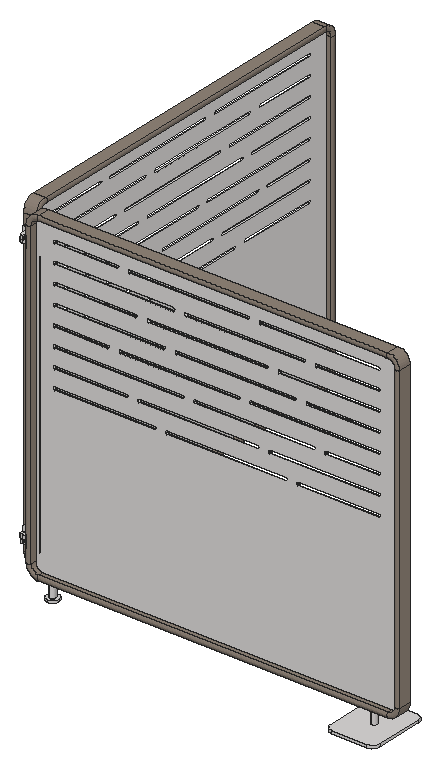
Revit family "Screen-Teknion-ZNFGH_Hinged_Screen-R2019", category Furniture, Revit 2020 (continued)
Definition of nested family "Screen-Teknion-Hinged_Screen(Face based)_2-R2019"
  Definition of nested family "Screen-Teknion-Hinged_Screen_2-R2019"
    Forms (in)
      Sweep 17, void
        profile origin (-10.54651, -13.03314, 0) x (-1, 0, 0) y (0, 0, 1)
          loop
            line (-9.21323, 66.02362) -> (2.20197, 66.02362)
            arc (2.20197, 66.02362) -> (2.49725, 66.3189) -> (2.20197, 66.61417) r 0.29528
            line (2.20197, 66.61417) -> (-9.21323, 66.61417)
          loop
            arc (-11.30378, 66.02362) -> (-11.0085, 66.3189) -> (-11.30378, 66.61417) r 0.29528
            line (-11.30378, 66.61417) -> (-31.71897, 66.61417)
            arc (-31.71897, 66.61417) -> (-32.01425, 66.3189) -> (-31.71897, 66.02362) r 0.29528
            line (-31.71897, 66.02362) -> (-11.30378, 66.02362)
          loop
            arc (-21.21323, 63.60236) -> (-21.5085, 63.30709) -> (-21.21323, 63.01181) r 0.29528
            line (-21.21323, 63.01181) -> (-2.30378, 63.01181)
            arc (-2.30378, 63.01181) -> (-2.0085, 63.30709) -> (-2.30378, 63.60236) r 0.29528
            line (-2.30378, 63.60236) -> (-21.21323, 63.60236)
          loop
            arc (2.20197, 63.01181) -> (2.49725, 63.30709) -> (2.20197, 63.60236) r 0.29528
            line (2.20197, 63.60236) -> (-0.21323, 63.60236)
            arc (-0.21323, 63.60236) -> (-0.5085, 63.30709) -> (-0.21323, 63.01181) r 0.29528
            line (-0.21323, 63.01181) -> (2.20197, 63.01181)
          loop
            arc (-4.71323, 60.59055) -> (-5.0085, 60.29528) -> (-4.71323, 60) r 0.29528
            line (-4.71323, 60) -> (2.20197, 60)
            arc (2.20197, 60) -> (2.49725, 60.29528) -> (2.20197, 60.59055) r 0.29528
            line (2.20197, 60.59055) -> (-4.71323, 60.59055)
          loop
            arc (-25.71323, 60.59055) -> (-26.0085, 60.29528) -> (-25.71323, 60) r 0.29528
            line (-25.71323, 60) -> (-6.80378, 60)
            arc (-6.80378, 60) -> (-6.5085, 60.29528) -> (-6.80378, 60.59055) r 0.29528
            line (-6.80378, 60.59055) -> (-25.71323, 60.59055)
          loop
            arc (-31.71897, 60.59055) -> (-32.01425, 60.29528) -> (-31.71897, 60) r 0.29528
            line (-31.71897, 60) -> (-27.80378, 60)
            arc (-27.80378, 60) -> (-27.5085, 60.29528) -> (-27.80378, 60.59055) r 0.29528
            line (-27.80378, 60.59055) -> (-31.71897, 60.59055)
          loop
            arc (-23.30378, 63.01181) -> (-23.0085, 63.30709) -> (-23.30378, 63.60236) r 0.29528
            line (-23.30378, 63.60236) -> (-31.71897, 63.60236)
            arc (-31.71897, 63.60236) -> (-32.01425, 63.30709) -> (-31.71897, 63.01181) r 0.29528
            line (-31.71897, 63.01181) -> (-23.30378, 63.01181)
      Sweep 18, void
        path origin (-4.61419, 4.61419, 0) x (0, 1, 0) y (1, 0, 0)
          loop
            line (-21.0159, -5.68665) -> (-14.2659, -5.68665)
        profile origin (-10.30084, -13.02671, 0) x (-1, 0, 0) y (0, 0, 1)
          loop
            arc (-37.47331, 51.85462) -> (-37.6821, 51.76814) -> (-37.76859, 51.55935) r 0.29528
            arc (-37.76859, 51.55935) -> (-37.6821, 51.35056) -> (-37.47331, 51.26407) r 0.29528
            line (-37.47331, 51.26407) -> (-24.55811, 51.26407)
            arc (-24.55811, 51.26407) -> (-24.34932, 51.35056) -> (-24.26284, 51.55935) r 0.29528
            arc (-24.26284, 51.55935) -> (-24.34932, 51.76814) -> (-24.55811, 51.85462) r 0.29528
            line (-24.55811, 51.85462) -> (-37.47331, 51.85462)
          loop
            arc (-22.46756, 51.85462) -> (-22.67635, 51.76814) -> (-22.76284, 51.55935) r 0.29528
            arc (-22.76284, 51.55935) -> (-22.67635, 51.35056) -> (-22.46756, 51.26407) r 0.29528
            line (-22.46756, 51.26407) -> (-3.55811, 51.26407)
            arc (-3.55811, 51.26407) -> (-3.34932, 51.35056) -> (-3.26284, 51.55935) r 0.29528
            arc (-3.26284, 51.55935) -> (-3.34932, 51.76814) -> (-3.55811, 51.85462) r 0.29528
            line (-3.55811, 51.85462) -> (-22.46756, 51.85462)
          loop
            arc (-1.46756, 51.85462) -> (-1.67635, 51.76814) -> (-1.76284, 51.55935) r 0.29528
            arc (-1.76284, 51.55935) -> (-1.67635, 51.35056) -> (-1.46756, 51.26407) r 0.29528
            line (-1.46756, 51.26407) -> (2.44764, 51.26407)
            arc (2.44764, 51.26407) -> (2.74291, 51.55935) -> (2.44764, 51.85462) r 0.29528
            line (2.44764, 51.85462) -> (-1.46756, 51.85462)
          loop
            arc (-10.46756, 48.84281) -> (-10.67635, 48.75633) -> (-10.76284, 48.54754) r 0.29528
            arc (-10.76284, 48.54754) -> (-10.67635, 48.33874) -> (-10.46756, 48.25226) r 0.29528
            line (-10.46756, 48.25226) -> (2.44764, 48.25226)
            arc (2.44764, 48.25226) -> (2.74291, 48.54754) -> (2.44764, 48.84281) r 0.29528
            line (2.44764, 48.84281) -> (-10.46756, 48.84281)
          loop
            arc (-31.46756, 48.84281) -> (-31.67635, 48.75633) -> (-31.76284, 48.54754) r 0.29528
            arc (-31.76284, 48.54754) -> (-31.67635, 48.33874) -> (-31.46756, 48.25226) r 0.29528
            line (-31.46756, 48.25226) -> (-12.55811, 48.25226)
            arc (-12.55811, 48.25226) -> (-12.34932, 48.33874) -> (-12.26284, 48.54754) r 0.29528
            arc (-12.26284, 48.54754) -> (-12.34932, 48.75633) -> (-12.55811, 48.84281) r 0.29528
            line (-12.55811, 48.84281) -> (-31.46756, 48.84281)
          loop
            arc (-37.47331, 48.84281) -> (-37.6821, 48.75633) -> (-37.76859, 48.54754) r 0.29528
            arc (-37.76859, 48.54754) -> (-37.6821, 48.33874) -> (-37.47331, 48.25226) r 0.29528
            line (-37.47331, 48.25226) -> (-33.55811, 48.25226)
            arc (-33.55811, 48.25226) -> (-33.34932, 48.33874) -> (-33.26284, 48.54754) r 0.29528
            arc (-33.26284, 48.54754) -> (-33.34932, 48.75633) -> (-33.55811, 48.84281) r 0.29528
            line (-33.55811, 48.84281) -> (-37.47331, 48.84281)
          loop
            arc (-37.47331, 45.831) -> (-37.6821, 45.74452) -> (-37.76859, 45.53572) r 0.29528
            arc (-37.76859, 45.53572) -> (-37.6821, 45.32693) -> (-37.47331, 45.24045) r 0.29528
            line (-37.47331, 45.24045) -> (-27.55811, 45.24045)
            arc (-27.55811, 45.24045) -> (-27.34932, 45.32693) -> (-27.26284, 45.53572) r 0.29528
            arc (-27.26284, 45.53572) -> (-27.34932, 45.74452) -> (-27.55811, 45.831) r 0.29528
            line (-27.55811, 45.831) -> (-37.47331, 45.831)
          loop
            arc (-25.46756, 45.831) -> (-25.67635, 45.74452) -> (-25.76284, 45.53572) r 0.29528
            arc (-25.76284, 45.53572) -> (-25.67635, 45.32693) -> (-25.46756, 45.24045) r 0.29528
            line (-25.46756, 45.24045) -> (-6.55811, 45.24045)
            arc (-6.55811, 45.24045) -> (-6.34932, 45.32693) -> (-6.26284, 45.53572) r 0.29528
            arc (-6.26284, 45.53572) -> (-6.34932, 45.74452) -> (-6.55811, 45.831) r 0.29528
            line (-6.55811, 45.831) -> (-25.46756, 45.831)
          loop
            arc (-4.46756, 45.831) -> (-4.67635, 45.74452) -> (-4.76284, 45.53572) r 0.29528
            arc (-4.76284, 45.53572) -> (-4.67635, 45.32693) -> (-4.46756, 45.24045) r 0.29528
            line (-4.46756, 45.24045) -> (2.44764, 45.24045)
            arc (2.44764, 45.24045) -> (2.74291, 45.53572) -> (2.44764, 45.831) r 0.29528
            line (2.44764, 45.831) -> (-4.46756, 45.831)
          loop
            arc (2.44764, 42.22864) -> (2.74291, 42.52391) -> (2.44764, 42.81919) r 0.29528
            line (2.44764, 42.81919) -> (-8.96756, 42.81919)
            arc (-8.96756, 42.81919) -> (-9.17635, 42.7327) -> (-9.26284, 42.52391) r 0.29528
            arc (-9.26284, 42.52391) -> (-9.17635, 42.31512) -> (-8.96756, 42.22864) r 0.29528
            line (-8.96756, 42.22864) -> (2.44764, 42.22864)
          loop
            arc (-29.96756, 42.81919) -> (-30.17635, 42.7327) -> (-30.26284, 42.52391) r 0.29528
            arc (-30.26284, 42.52391) -> (-30.17635, 42.31512) -> (-29.96756, 42.22864) r 0.29528
            line (-29.96756, 42.22864) -> (-11.05811, 42.22864)
            arc (-11.05811, 42.22864) -> (-10.84932, 42.31512) -> (-10.76284, 42.52391) r 0.29528
            arc (-10.76284, 42.52391) -> (-10.84932, 42.7327) -> (-11.05811, 42.81919) r 0.29528
            line (-11.05811, 42.81919) -> (-29.96756, 42.81919)
          loop
            arc (-37.47331, 42.81919) -> (-37.6821, 42.7327) -> (-37.76859, 42.52391) r 0.29528
            arc (-37.76859, 42.52391) -> (-37.6821, 42.31512) -> (-37.47331, 42.22864) r 0.29528
            line (-37.47331, 42.22864) -> (-32.05811, 42.22864)
            arc (-32.05811, 42.22864) -> (-31.84932, 42.31512) -> (-31.76284, 42.52391) r 0.29528
            arc (-31.76284, 42.52391) -> (-31.84932, 42.7327) -> (-32.05811, 42.81919) r 0.29528
            line (-32.05811, 42.81919) -> (-37.47331, 42.81919)
          loop
            arc (-37.47331, 39.80738) -> (-37.6821, 39.72089) -> (-37.76859, 39.5121) r 0.29528
            arc (-37.76859, 39.5121) -> (-37.6821, 39.30331) -> (-37.47331, 39.21683) r 0.29528
            line (-37.47331, 39.21683) -> (-23.05811, 39.21683)
            arc (-23.05811, 39.21683) -> (-22.84932, 39.30331) -> (-22.76284, 39.5121) r 0.29528
            arc (-22.76284, 39.5121) -> (-22.84932, 39.72089) -> (-23.05811, 39.80738) r 0.29528
            line (-23.05811, 39.80738) -> (-37.47331, 39.80738)
          loop
            arc (-20.96756, 39.80738) -> (-21.17635, 39.72089) -> (-21.26284, 39.5121) r 0.29528
            arc (-21.26284, 39.5121) -> (-21.17635, 39.30331) -> (-20.96756, 39.21683) r 0.29528
            line (-20.96756, 39.21683) -> (-2.05811, 39.21683)
            arc (-2.05811, 39.21683) -> (-1.84932, 39.30331) -> (-1.76284, 39.5121) r 0.29528
            arc (-1.76284, 39.5121) -> (-1.84932, 39.72089) -> (-2.05811, 39.80738) r 0.29528
            line (-2.05811, 39.80738) -> (-20.96756, 39.80738)
          loop
            arc (0.03244, 39.80738) -> (-0.17635, 39.72089) -> (-0.26284, 39.5121) r 0.29528
            arc (-0.26284, 39.5121) -> (-0.17635, 39.30331) -> (0.03244, 39.21683) r 0.29528
            line (0.03244, 39.21683) -> (2.44764, 39.21683)
            arc (2.44764, 39.21683) -> (2.74291, 39.5121) -> (2.44764, 39.80738) r 0.29528
            line (2.44764, 39.80738) -> (0.03244, 39.80738)
          loop
            arc (-11.96756, 36.79557) -> (-12.17635, 36.70908) -> (-12.26284, 36.50029) r 0.29528
            arc (-12.26284, 36.50029) -> (-12.17635, 36.2915) -> (-11.96756, 36.20502) r 0.29528
            line (-11.96756, 36.20502) -> (2.44764, 36.20502)
            arc (2.44764, 36.20502) -> (2.74291, 36.50029) -> (2.44764, 36.79557) r 0.29528
            line (2.44764, 36.79557) -> (-11.96756, 36.79557)
          loop
            arc (-14.05811, 36.20502) -> (-13.84932, 36.2915) -> (-13.76284, 36.50029) r 0.29528
            arc (-13.76284, 36.50029) -> (-13.84932, 36.70908) -> (-14.05811, 36.79557) r 0.29528
            line (-14.05811, 36.79557) -> (-32.96756, 36.79557)
            arc (-32.96756, 36.79557) -> (-33.17635, 36.70908) -> (-33.26284, 36.50029) r 0.29528
            arc (-33.26284, 36.50029) -> (-33.17635, 36.2915) -> (-32.96756, 36.20502) r 0.29528
            line (-32.96756, 36.20502) -> (-14.05811, 36.20502)
          loop
            arc (-37.47331, 36.79557) -> (-37.6821, 36.70908) -> (-37.76859, 36.50029) r 0.29528
            arc (-37.76859, 36.50029) -> (-37.6821, 36.2915) -> (-37.47331, 36.20502) r 0.29528
            line (-37.47331, 36.20502) -> (-35.05811, 36.20502)
            arc (-35.05811, 36.20502) -> (-34.84932, 36.2915) -> (-34.76284, 36.50029) r 0.29528
            arc (-34.76284, 36.50029) -> (-34.84932, 36.70908) -> (-35.05811, 36.79557) r 0.29528
            line (-35.05811, 36.79557) -> (-37.47331, 36.79557)
          loop
            arc (-37.47331, 33.78376) -> (-37.6821, 33.69727) -> (-37.76859, 33.48848) r 0.29528
            arc (-37.76859, 33.48848) -> (-37.6821, 33.27969) -> (-37.47331, 33.1932) r 0.29528
            line (-37.47331, 33.1932) -> (-26.05811, 33.1932)
            arc (-26.05811, 33.1932) -> (-25.84932, 33.27969) -> (-25.76284, 33.48848) r 0.29528
            arc (-25.76284, 33.48848) -> (-25.84932, 33.69727) -> (-26.05811, 33.78376) r 0.29528
            line (-26.05811, 33.78376) -> (-37.47331, 33.78376)
          loop
            arc (-30.55811, 30.18139) -> (-30.34932, 30.26788) -> (-30.26284, 30.47667) r 0.29528
            arc (-30.26284, 30.47667) -> (-30.34932, 30.68546) -> (-30.55811, 30.77194) r 0.29528
            line (-30.55811, 30.77194) -> (-37.47331, 30.77194)
            arc (-37.47331, 30.77194) -> (-37.6821, 30.68546) -> (-37.76859, 30.47667) r 0.29528
            arc (-37.76859, 30.47667) -> (-37.6821, 30.26788) -> (-37.47331, 30.18139) r 0.29528
            line (-37.47331, 30.18139) -> (-30.55811, 30.18139)
          loop
            arc (-28.46756, 30.77655) -> (-28.67635, 30.69007) -> (-28.76284, 30.48128) r 0.29528
            arc (-28.76284, 30.48128) -> (-28.67635, 30.27248) -> (-28.46756, 30.186) r 0.29528
            line (-28.46756, 30.186) -> (-9.55811, 30.186)
            arc (-9.55811, 30.186) -> (-9.34932, 30.27248) -> (-9.26284, 30.48128) r 0.29528
            arc (-9.26284, 30.48128) -> (-9.34932, 30.69007) -> (-9.55811, 30.77655) r 0.29528
            line (-9.55811, 30.77655) -> (-28.46756, 30.77655)
          loop
            arc (-5.05811, 33.1932) -> (-4.84932, 33.27969) -> (-4.76284, 33.48848) r 0.29528
            arc (-4.76284, 33.48848) -> (-4.84932, 33.69727) -> (-5.05811, 33.78376) r 0.29528
            line (-5.05811, 33.78376) -> (-23.96756, 33.78376)
            arc (-23.96756, 33.78376) -> (-24.17635, 33.69727) -> (-24.26284, 33.48848) r 0.29528
            arc (-24.26284, 33.48848) -> (-24.17635, 33.27969) -> (-23.96756, 33.1932) r 0.29528
            line (-23.96756, 33.1932) -> (-5.05811, 33.1932)
          loop
            arc (2.44764, 33.1932) -> (2.74291, 33.48848) -> (2.44764, 33.78376) r 0.29528
            line (2.44764, 33.78376) -> (-2.96756, 33.78376)
            arc (-2.96756, 33.78376) -> (-3.17635, 33.69727) -> (-3.26284, 33.48848) r 0.29528
            arc (-3.26284, 33.48848) -> (-3.17635, 33.27969) -> (-2.96756, 33.1932) r 0.29528
            line (-2.96756, 33.1932) -> (2.44764, 33.1932)
          loop
            arc (2.44764, 30.18139) -> (2.74291, 30.47667) -> (2.44764, 30.77194) r 0.29528
            line (2.44764, 30.77194) -> (-7.46756, 30.77194)
            arc (-7.46756, 30.77194) -> (-7.67635, 30.68546) -> (-7.76284, 30.47667) r 0.29528
            arc (-7.76284, 30.47667) -> (-7.67635, 30.26788) -> (-7.46756, 30.18139) r 0.29528
            line (-7.46756, 30.18139) -> (2.44764, 30.18139)
      Sweep 19, void
        path origin (-4.61419, 4.61419, 0) x (0, 1, 0) y (1, 0, 0)
          loop
            line (-21.02888, -11.81406) -> (-14.27888, -11.81406)
        profile origin (-16.42826, -13.03968, 0) x (-1, 0, 0) y (0, 0, 1)
          loop
            arc (-46.60072, 81.67323) -> (-46.80951, 81.58674) -> (-46.896, 81.37795) r 0.29528
            arc (-46.896, 81.37795) -> (-46.80951, 81.16916) -> (-46.60072, 81.08268) r 0.29528
            line (-46.60072, 81.08268) -> (-30.68552, 81.08268)
            arc (-30.68552, 81.08268) -> (-30.47673, 81.16916) -> (-30.39025, 81.37795) r 0.29528
            arc (-30.39025, 81.37795) -> (-30.47673, 81.58674) -> (-30.68552, 81.67323) r 0.29528
            line (-30.68552, 81.67323) -> (-46.60072, 81.67323)
          loop
            arc (-37.59497, 78.66142) -> (-37.80376, 78.57493) -> (-37.89025, 78.36614) r 0.29528
            arc (-37.89025, 78.36614) -> (-37.80376, 78.15735) -> (-37.59497, 78.07087) r 0.29528
            line (-37.59497, 78.07087) -> (-18.68552, 78.07087)
            arc (-18.68552, 78.07087) -> (-18.47673, 78.15735) -> (-18.39025, 78.36614) r 0.29528
            arc (-18.39025, 78.36614) -> (-18.47673, 78.57493) -> (-18.68552, 78.66142) r 0.29528
            line (-18.68552, 78.66142) -> (-37.59497, 78.66142)
          loop
            arc (-28.59497, 81.67323) -> (-28.80376, 81.58674) -> (-28.89025, 81.37795) r 0.29528
            arc (-28.89025, 81.37795) -> (-28.80376, 81.16916) -> (-28.59497, 81.08268) r 0.29528
            line (-28.59497, 81.08268) -> (-9.68552, 81.08268)
            arc (-9.68552, 81.08268) -> (-9.47673, 81.16916) -> (-9.39025, 81.37795) r 0.29528
            arc (-9.39025, 81.37795) -> (-9.47673, 81.58674) -> (-9.68552, 81.67323) r 0.29528
            line (-9.68552, 81.67323) -> (-28.59497, 81.67323)
          loop
            arc (-7.59497, 81.67323) -> (-7.80376, 81.58674) -> (-7.89025, 81.37795) r 0.29528
            arc (-7.89025, 81.37795) -> (-7.80376, 81.16916) -> (-7.59497, 81.08268) r 0.29528
            line (-7.59497, 81.08268) -> (-0.67978, 81.08268)
            arc (-0.67978, 81.08268) -> (-0.3845, 81.37795) -> (-0.67978, 81.67323) r 0.29528
            line (-0.67978, 81.67323) -> (-7.59497, 81.67323)
          loop
            arc (-16.59497, 78.66142) -> (-16.80376, 78.57493) -> (-16.89025, 78.36614) r 0.29528
            arc (-16.89025, 78.36614) -> (-16.80376, 78.15735) -> (-16.59497, 78.07087) r 0.29528
            line (-16.59497, 78.07087) -> (-0.67978, 78.07087)
            arc (-0.67978, 78.07087) -> (-0.3845, 78.36614) -> (-0.67978, 78.66142) r 0.29528
            line (-0.67978, 78.66142) -> (-16.59497, 78.66142)
          loop
            arc (-46.60072, 78.66142) -> (-46.80951, 78.57493) -> (-46.896, 78.36614) r 0.29528
            arc (-46.896, 78.36614) -> (-46.80951, 78.15735) -> (-46.60072, 78.07087) r 0.29528
            line (-46.60072, 78.07087) -> (-39.68552, 78.07087)
            arc (-39.68552, 78.07087) -> (-39.47673, 78.15735) -> (-39.39025, 78.36614) r 0.29528
            arc (-39.39025, 78.36614) -> (-39.47673, 78.57493) -> (-39.68552, 78.66142) r 0.29528
            line (-39.68552, 78.66142) -> (-46.60072, 78.66142)
          loop
            arc (-46.60072, 75.64961) -> (-46.80951, 75.56312) -> (-46.896, 75.35433) r 0.29528
            arc (-46.896, 75.35433) -> (-46.80951, 75.14554) -> (-46.60072, 75.05906) r 0.29528
            line (-46.60072, 75.05906) -> (-33.68552, 75.05906)
            arc (-33.68552, 75.05906) -> (-33.47673, 75.14554) -> (-33.39025, 75.35433) r 0.29528
            arc (-33.39025, 75.35433) -> (-33.47673, 75.56312) -> (-33.68552, 75.64961) r 0.29528
            line (-33.68552, 75.64961) -> (-46.60072, 75.64961)
          loop
            arc (-31.59497, 75.64961) -> (-31.80376, 75.56312) -> (-31.89025, 75.35433) r 0.29528
            arc (-31.89025, 75.35433) -> (-31.80376, 75.14554) -> (-31.59497, 75.05906) r 0.29528
            line (-31.59497, 75.05906) -> (-12.68552, 75.05906)
            arc (-12.68552, 75.05906) -> (-12.47673, 75.14554) -> (-12.39025, 75.35433) r 0.29528
            arc (-12.39025, 75.35433) -> (-12.47673, 75.56312) -> (-12.68552, 75.64961) r 0.29528
            line (-12.68552, 75.64961) -> (-31.59497, 75.64961)
          loop
            arc (-10.59497, 75.64961) -> (-10.80376, 75.56312) -> (-10.89025, 75.35433) r 0.29528
            arc (-10.89025, 75.35433) -> (-10.80376, 75.14554) -> (-10.59497, 75.05906) r 0.29528
            line (-10.59497, 75.05906) -> (-0.67978, 75.05906)
            arc (-0.67978, 75.05906) -> (-0.3845, 75.35433) -> (-0.67978, 75.64961) r 0.29528
            line (-0.67978, 75.64961) -> (-10.59497, 75.64961)
          loop
            arc (-15.09497, 72.6378) -> (-15.30376, 72.55131) -> (-15.39025, 72.34252) r 0.29528
            arc (-15.39025, 72.34252) -> (-15.30376, 72.13373) -> (-15.09497, 72.04724) r 0.29528
            line (-15.09497, 72.04724) -> (-0.67978, 72.04724)
            arc (-0.67978, 72.04724) -> (-0.3845, 72.34252) -> (-0.67978, 72.6378) r 0.29528
            line (-0.67978, 72.6378) -> (-15.09497, 72.6378)
          loop
            arc (-36.09497, 72.6378) -> (-36.30376, 72.55131) -> (-36.39025, 72.34252) r 0.29528
            arc (-36.39025, 72.34252) -> (-36.30376, 72.13373) -> (-36.09497, 72.04724) r 0.29528
            line (-36.09497, 72.04724) -> (-17.18552, 72.04724)
            arc (-17.18552, 72.04724) -> (-16.97673, 72.13373) -> (-16.89025, 72.34252) r 0.29528
            arc (-16.89025, 72.34252) -> (-16.97673, 72.55131) -> (-17.18552, 72.6378) r 0.29528
            line (-17.18552, 72.6378) -> (-36.09497, 72.6378)
          loop
            arc (-46.60072, 72.6378) -> (-46.80951, 72.55131) -> (-46.896, 72.34252) r 0.29528
            arc (-46.896, 72.34252) -> (-46.80951, 72.13373) -> (-46.60072, 72.04724) r 0.29528
            line (-46.60072, 72.04724) -> (-38.18552, 72.04724)
            arc (-38.18552, 72.04724) -> (-37.97673, 72.13373) -> (-37.89025, 72.34252) r 0.29528
            arc (-37.89025, 72.34252) -> (-37.97673, 72.55131) -> (-38.18552, 72.6378) r 0.29528
            line (-38.18552, 72.6378) -> (-46.60072, 72.6378)
          loop
            arc (-27.09497, 69.62598) -> (-27.30376, 69.5395) -> (-27.39025, 69.33071) r 0.29528
            arc (-27.39025, 69.33071) -> (-27.30376, 69.12192) -> (-27.09497, 69.03543) r 0.29528
            line (-27.09497, 69.03543) -> (-8.18552, 69.03543)
            arc (-8.18552, 69.03543) -> (-7.97673, 69.12192) -> (-7.89025, 69.33071) r 0.29528
            arc (-7.89025, 69.33071) -> (-7.97673, 69.5395) -> (-8.18552, 69.62598) r 0.29528
            line (-8.18552, 69.62598) -> (-27.09497, 69.62598)
          loop
            arc (-6.09497, 69.62598) -> (-6.30376, 69.5395) -> (-6.39025, 69.33071) r 0.29528
            arc (-6.39025, 69.33071) -> (-6.30376, 69.12192) -> (-6.09497, 69.03543) r 0.29528
            line (-6.09497, 69.03543) -> (-0.67978, 69.03543)
            arc (-0.67978, 69.03543) -> (-0.3845, 69.33071) -> (-0.67978, 69.62598) r 0.29528
            line (-0.67978, 69.62598) -> (-6.09497, 69.62598)
          loop
            arc (-18.09497, 66.61417) -> (-18.30376, 66.52769) -> (-18.39025, 66.3189) r 0.29528
            arc (-18.39025, 66.3189) -> (-18.30376, 66.11011) -> (-18.09497, 66.02362) r 0.29528
            line (-18.09497, 66.02362) -> (-0.67978, 66.02362)
            arc (-0.67978, 66.02362) -> (-0.3845, 66.3189) -> (-0.67978, 66.61417) r 0.29528
            line (-0.67978, 66.61417) -> (-18.09497, 66.61417)
          loop
            arc (-39.09497, 66.61417) -> (-39.30376, 66.52769) -> (-39.39025, 66.3189) r 0.29528
            arc (-39.39025, 66.3189) -> (-39.30376, 66.11011) -> (-39.09497, 66.02362) r 0.29528
            line (-39.09497, 66.02362) -> (-20.18552, 66.02362)
            arc (-20.18552, 66.02362) -> (-19.97673, 66.11011) -> (-19.89025, 66.3189) r 0.29528
            arc (-19.89025, 66.3189) -> (-19.97673, 66.52769) -> (-20.18552, 66.61417) r 0.29528
            line (-20.18552, 66.61417) -> (-39.09497, 66.61417)
          loop
            arc (-46.60072, 69.62598) -> (-46.80951, 69.5395) -> (-46.896, 69.33071) r 0.29528
            arc (-46.896, 69.33071) -> (-46.80951, 69.12192) -> (-46.60072, 69.03543) r 0.29528
            line (-46.60072, 69.03543) -> (-29.18552, 69.03543)
            arc (-29.18552, 69.03543) -> (-28.97673, 69.12192) -> (-28.89025, 69.33071) r 0.29528
            arc (-28.89025, 69.33071) -> (-28.97673, 69.5395) -> (-29.18552, 69.62598) r 0.29528
            line (-29.18552, 69.62598) -> (-46.60072, 69.62598)
          loop
            arc (-46.60072, 66.61417) -> (-46.80951, 66.52769) -> (-46.896, 66.3189) r 0.29528
            arc (-46.896, 66.3189) -> (-46.80951, 66.11011) -> (-46.60072, 66.02362) r 0.29528
            line (-46.60072, 66.02362) -> (-41.18552, 66.02362)
            arc (-41.18552, 66.02362) -> (-40.97673, 66.11011) -> (-40.89025, 66.3189) r 0.29528
            arc (-40.89025, 66.3189) -> (-40.97673, 66.52769) -> (-41.18552, 66.61417) r 0.29528
            line (-41.18552, 66.61417) -> (-46.60072, 66.61417)
          loop
            arc (-46.60072, 63.60236) -> (-46.80951, 63.51588) -> (-46.896, 63.30709) r 0.29528
            arc (-46.896, 63.30709) -> (-46.80951, 63.0983) -> (-46.60072, 63.01181) r 0.29528
            line (-46.60072, 63.01181) -> (-32.18552, 63.01181)
            arc (-32.18552, 63.01181) -> (-31.97673, 63.0983) -> (-31.89025, 63.30709) r 0.29528
            arc (-31.89025, 63.30709) -> (-31.97673, 63.51588) -> (-32.18552, 63.60236) r 0.29528
            line (-32.18552, 63.60236) -> (-46.60072, 63.60236)
          loop
            arc (-30.09497, 63.60236) -> (-30.30376, 63.51588) -> (-30.39025, 63.30709) r 0.29528
            arc (-30.39025, 63.30709) -> (-30.30376, 63.0983) -> (-30.09497, 63.01181) r 0.29528
            line (-30.09497, 63.01181) -> (-11.18552, 63.01181)
            arc (-11.18552, 63.01181) -> (-10.97673, 63.0983) -> (-10.89025, 63.30709) r 0.29528
            arc (-10.89025, 63.30709) -> (-10.97673, 63.51588) -> (-11.18552, 63.60236) r 0.29528
            line (-11.18552, 63.60236) -> (-30.09497, 63.60236)
          loop
            arc (-9.09497, 63.60236) -> (-9.30376, 63.51588) -> (-9.39025, 63.30709) r 0.29528
            arc (-9.39025, 63.30709) -> (-9.30376, 63.0983) -> (-9.09497, 63.01181) r 0.29528
            line (-9.09497, 63.01181) -> (-0.67978, 63.01181)
            arc (-0.67978, 63.01181) -> (-0.3845, 63.30709) -> (-0.67978, 63.60236) r 0.29528
            line (-0.67978, 63.60236) -> (-9.09497, 63.60236)
          loop
            arc (-13.59497, 60.59055) -> (-13.80376, 60.50407) -> (-13.89025, 60.29528) r 0.29528
            arc (-13.89025, 60.29528) -> (-13.80376, 60.08648) -> (-13.59497, 60) r 0.29528
            line (-13.59497, 60) -> (-0.67978, 60)
            arc (-0.67978, 60) -> (-0.3845, 60.29528) -> (-0.67978, 60.59055) r 0.29528
            line (-0.67978, 60.59055) -> (-13.59497, 60.59055)
          loop
            arc (-34.59497, 60.59055) -> (-34.80376, 60.50407) -> (-34.89025, 60.29528) r 0.29528
            arc (-34.89025, 60.29528) -> (-34.80376, 60.08648) -> (-34.59497, 60) r 0.29528
            line (-34.59497, 60) -> (-15.68552, 60)
            arc (-15.68552, 60) -> (-15.47673, 60.08648) -> (-15.39025, 60.29528) r 0.29528
            arc (-15.39025, 60.29528) -> (-15.47673, 60.50407) -> (-15.68552, 60.59055) r 0.29528
            line (-15.68552, 60.59055) -> (-34.59497, 60.59055)
          loop
            arc (-46.60072, 60.59055) -> (-46.80951, 60.50407) -> (-46.896, 60.29528) r 0.29528
            arc (-46.896, 60.29528) -> (-46.80951, 60.08648) -> (-46.60072, 60) r 0.29528
            line (-46.60072, 60) -> (-36.68552, 60)
            arc (-36.68552, 60) -> (-36.47673, 60.08648) -> (-36.39025, 60.29528) r 0.29528
            arc (-36.39025, 60.29528) -> (-36.47673, 60.50407) -> (-36.68552, 60.59055) r 0.29528
            line (-36.68552, 60.59055) -> (-46.60072, 60.59055)
      Sweep 20, void
        path origin (-4.61419, 4.61419, 0) x (0, 1, 0) y (1, 0, 0)
          loop
            line (-21.07337, -14.8089) -> (-14.07337, -14.8089)
        profile origin (-19.4231, -12.95917, 0) x (-1, 0, 0) y (0, 0, 1)
          loop
            arc (-52.59556, 60.59055) -> (-52.80435, 60.50407) -> (-52.89084, 60.29528) r 0.29528
            arc (-52.89084, 60.29528) -> (-52.80435, 60.08648) -> (-52.59556, 60) r 0.29528
            line (-52.59556, 60) -> (-39.68036, 60)
            arc (-39.68036, 60) -> (-39.47157, 60.08648) -> (-39.38509, 60.29528) r 0.29528
            arc (-39.38509, 60.29528) -> (-39.47157, 60.50407) -> (-39.68036, 60.59055) r 0.29528
            line (-39.68036, 60.59055) -> (-52.59556, 60.59055)
          loop
            arc (-37.58981, 60.59055) -> (-37.7986, 60.50407) -> (-37.88509, 60.29528) r 0.29528
            arc (-37.88509, 60.29528) -> (-37.7986, 60.08648) -> (-37.58981, 60) r 0.29528
            line (-37.58981, 60) -> (-18.68036, 60)
            arc (-18.68036, 60) -> (-18.47157, 60.08648) -> (-18.38509, 60.29528) r 0.29528
            arc (-18.38509, 60.29528) -> (-18.47157, 60.50407) -> (-18.68036, 60.59055) r 0.29528
            line (-18.68036, 60.59055) -> (-37.58981, 60.59055)
          loop
            arc (-16.58981, 60.59055) -> (-16.7986, 60.50407) -> (-16.88509, 60.29528) r 0.29528
            arc (-16.88509, 60.29528) -> (-16.7986, 60.08648) -> (-16.58981, 60) r 0.29528
            line (-16.58981, 60) -> (-0.67462, 60)
            arc (-0.67462, 60) -> (-0.37934, 60.29528) -> (-0.67462, 60.59055) r 0.29528
            line (-0.67462, 60.59055) -> (-16.58981, 60.59055)
          loop
            arc (-12.08981, 63.60236) -> (-12.2986, 63.51588) -> (-12.38509, 63.30709) r 0.29528
            arc (-12.38509, 63.30709) -> (-12.2986, 63.0983) -> (-12.08981, 63.01181) r 0.29528
            line (-12.08981, 63.01181) -> (-0.67462, 63.01181)
            arc (-0.67462, 63.01181) -> (-0.37934, 63.30709) -> (-0.67462, 63.60236) r 0.29528
            line (-0.67462, 63.60236) -> (-12.08981, 63.60236)
          loop
            arc (-33.08981, 63.60236) -> (-33.2986, 63.51588) -> (-33.38509, 63.30709) r 0.29528
            arc (-33.38509, 63.30709) -> (-33.2986, 63.0983) -> (-33.08981, 63.01181) r 0.29528
            line (-33.08981, 63.01181) -> (-14.18036, 63.01181)
            arc (-14.18036, 63.01181) -> (-13.97157, 63.0983) -> (-13.88509, 63.30709) r 0.29528
            arc (-13.88509, 63.30709) -> (-13.97157, 63.51588) -> (-14.18036, 63.60236) r 0.29528
            line (-14.18036, 63.60236) -> (-33.08981, 63.60236)
          loop
            arc (-52.59556, 63.60236) -> (-52.80435, 63.51588) -> (-52.89084, 63.30709) r 0.29528
            arc (-52.89084, 63.30709) -> (-52.80435, 63.0983) -> (-52.59556, 63.01181) r 0.29528
            line (-52.59556, 63.01181) -> (-35.18036, 63.01181)
            arc (-35.18036, 63.01181) -> (-34.97157, 63.0983) -> (-34.88509, 63.30709) r 0.29528
            arc (-34.88509, 63.30709) -> (-34.97157, 63.51588) -> (-35.18036, 63.60236) r 0.29528
            line (-35.18036, 63.60236) -> (-52.59556, 63.60236)
          loop
            arc (-52.59556, 66.61417) -> (-52.80435, 66.52769) -> (-52.89084, 66.3189) r 0.29528
            arc (-52.89084, 66.3189) -> (-52.80435, 66.11011) -> (-52.59556, 66.02362) r 0.29528
            line (-52.59556, 66.02362) -> (-44.18036, 66.02362)
            arc (-44.18036, 66.02362) -> (-43.97157, 66.11011) -> (-43.88509, 66.3189) r 0.29528
            arc (-43.88509, 66.3189) -> (-43.97157, 66.52769) -> (-44.18036, 66.61417) r 0.29528
            line (-44.18036, 66.61417) -> (-52.59556, 66.61417)
          loop
            arc (-42.08981, 66.61417) -> (-42.2986, 66.52769) -> (-42.38509, 66.3189) r 0.29528
            arc (-42.38509, 66.3189) -> (-42.2986, 66.11011) -> (-42.08981, 66.02362) r 0.29528
            line (-42.08981, 66.02362) -> (-23.18036, 66.02362)
            arc (-23.18036, 66.02362) -> (-22.97157, 66.11011) -> (-22.88509, 66.3189) r 0.29528
            arc (-22.88509, 66.3189) -> (-22.97157, 66.52769) -> (-23.18036, 66.61417) r 0.29528
            line (-23.18036, 66.61417) -> (-42.08981, 66.61417)
          loop
            arc (-21.08981, 66.61417) -> (-21.2986, 66.52769) -> (-21.38509, 66.3189) r 0.29528
            arc (-21.38509, 66.3189) -> (-21.2986, 66.11011) -> (-21.08981, 66.02362) r 0.29528
            line (-21.08981, 66.02362) -> (-0.67462, 66.02362)
            arc (-0.67462, 66.02362) -> (-0.37934, 66.3189) -> (-0.67462, 66.61417) r 0.29528
            line (-0.67462, 66.61417) -> (-21.08981, 66.61417)
          loop
            arc (-9.08981, 69.62598) -> (-9.2986, 69.5395) -> (-9.38509, 69.33071) r 0.29528
            arc (-9.38509, 69.33071) -> (-9.2986, 69.12192) -> (-9.08981, 69.03543) r 0.29528
            line (-9.08981, 69.03543) -> (-0.67462, 69.03543)
            arc (-0.67462, 69.03543) -> (-0.37934, 69.33071) -> (-0.67462, 69.62598) r 0.29528
            line (-0.67462, 69.62598) -> (-9.08981, 69.62598)
          loop
            arc (-11.18036, 69.03543) -> (-10.97157, 69.12192) -> (-10.88509, 69.33071) r 0.29528
            arc (-10.88509, 69.33071) -> (-10.97157, 69.5395) -> (-11.18036, 69.62598) r 0.29528
            line (-11.18036, 69.62598) -> (-30.08981, 69.62598)
            arc (-30.08981, 69.62598) -> (-30.2986, 69.5395) -> (-30.38509, 69.33071) r 0.29528
            arc (-30.38509, 69.33071) -> (-30.2986, 69.12192) -> (-30.08981, 69.03543) r 0.29528
            line (-30.08981, 69.03543) -> (-11.18036, 69.03543)
          loop
            arc (-32.18036, 69.03543) -> (-31.97157, 69.12192) -> (-31.88509, 69.33071) r 0.29528
            arc (-31.88509, 69.33071) -> (-31.97157, 69.5395) -> (-32.18036, 69.62598) r 0.29528
            line (-32.18036, 69.62598) -> (-52.59556, 69.62598)
            arc (-52.59556, 69.62598) -> (-52.80435, 69.5395) -> (-52.89084, 69.33071) r 0.29528
            arc (-52.89084, 69.33071) -> (-52.80435, 69.12192) -> (-52.59556, 69.03543) r 0.29528
            line (-52.59556, 69.03543) -> (-32.18036, 69.03543)
          loop
            arc (-41.18036, 72.04724) -> (-40.97157, 72.13373) -> (-40.88509, 72.34252) r 0.29528
            arc (-40.88509, 72.34252) -> (-40.97157, 72.55131) -> (-41.18036, 72.6378) r 0.29528
            line (-41.18036, 72.6378) -> (-52.59556, 72.6378)
            arc (-52.59556, 72.6378) -> (-52.80435, 72.55131) -> (-52.89084, 72.34252) r 0.29528
            arc (-52.89084, 72.34252) -> (-52.80435, 72.13373) -> (-52.59556, 72.04724) r 0.29528
            line (-52.59556, 72.04724) -> (-41.18036, 72.04724)
          loop
            arc (-39.08981, 72.6378) -> (-39.2986, 72.55131) -> (-39.38509, 72.34252) r 0.29528
            arc (-39.38509, 72.34252) -> (-39.2986, 72.13373) -> (-39.08981, 72.04724) r 0.29528
            line (-39.08981, 72.04724) -> (-20.18036, 72.04724)
            arc (-20.18036, 72.04724) -> (-19.97157, 72.13373) -> (-19.88509, 72.34252) r 0.29528
            arc (-19.88509, 72.34252) -> (-19.97157, 72.55131) -> (-20.18036, 72.6378) r 0.29528
            line (-20.18036, 72.6378) -> (-39.08981, 72.6378)
          loop
            arc (-18.08981, 72.6378) -> (-18.2986, 72.55131) -> (-18.38509, 72.34252) r 0.29528
            arc (-18.38509, 72.34252) -> (-18.2986, 72.13373) -> (-18.08981, 72.04724) r 0.29528
            line (-18.08981, 72.04724) -> (-0.67462, 72.04724)
            arc (-0.67462, 72.04724) -> (-0.37934, 72.34252) -> (-0.67462, 72.6378) r 0.29528
            line (-0.67462, 72.6378) -> (-18.08981, 72.6378)
          loop
            arc (-10.58981, 81.67323) -> (-10.7986, 81.58674) -> (-10.88509, 81.37795) r 0.29528
            arc (-10.88509, 81.37795) -> (-10.7986, 81.16916) -> (-10.58981, 81.08268) r 0.29528
            line (-10.58981, 81.08268) -> (-0.67462, 81.08268)
            arc (-0.67462, 81.08268) -> (-0.37934, 81.37795) -> (-0.67462, 81.67323) r 0.29528
            line (-0.67462, 81.67323) -> (-10.58981, 81.67323)
          loop
            arc (-12.68036, 81.08268) -> (-12.47157, 81.16916) -> (-12.38509, 81.37795) r 0.29528
            arc (-12.38509, 81.37795) -> (-12.47157, 81.58674) -> (-12.68036, 81.67323) r 0.29528
            line (-12.68036, 81.67323) -> (-31.58981, 81.67323)
            arc (-31.58981, 81.67323) -> (-31.7986, 81.58674) -> (-31.88509, 81.37795) r 0.29528
            arc (-31.88509, 81.37795) -> (-31.7986, 81.16916) -> (-31.58981, 81.08268) r 0.29528
            line (-31.58981, 81.08268) -> (-12.68036, 81.08268)
          loop
            arc (-21.68036, 78.07087) -> (-21.47157, 78.15735) -> (-21.38509, 78.36614) r 0.29528
            arc (-21.38509, 78.36614) -> (-21.47157, 78.57493) -> (-21.68036, 78.66142) r 0.29528
            line (-21.68036, 78.66142) -> (-40.58981, 78.66142)
            arc (-40.58981, 78.66142) -> (-40.7986, 78.57493) -> (-40.88509, 78.36614) r 0.29528
            arc (-40.88509, 78.36614) -> (-40.7986, 78.15735) -> (-40.58981, 78.07087) r 0.29528
            line (-40.58981, 78.07087) -> (-21.68036, 78.07087)
          loop
            arc (-33.68036, 81.08268) -> (-33.47157, 81.16916) -> (-33.38509, 81.37795) r 0.29528
            arc (-33.38509, 81.37795) -> (-33.47157, 81.58674) -> (-33.68036, 81.67323) r 0.29528
            line (-33.68036, 81.67323) -> (-52.59556, 81.67323)
            arc (-52.59556, 81.67323) -> (-52.80435, 81.58674) -> (-52.89084, 81.37795) r 0.29528
            arc (-52.89084, 81.37795) -> (-52.80435, 81.16916) -> (-52.59556, 81.08268) r 0.29528
            line (-52.59556, 81.08268) -> (-33.68036, 81.08268)
          loop
            arc (-42.68036, 78.07087) -> (-42.47157, 78.15735) -> (-42.38509, 78.36614) r 0.29528
            arc (-42.38509, 78.36614) -> (-42.47157, 78.57493) -> (-42.68036, 78.66142) r 0.29528
            line (-42.68036, 78.66142) -> (-52.59556, 78.66142)
            arc (-52.59556, 78.66142) -> (-52.80435, 78.57493) -> (-52.89084, 78.36614) r 0.29528
            arc (-52.89084, 78.36614) -> (-52.80435, 78.15735) -> (-52.59556, 78.07087) r 0.29528
            line (-52.59556, 78.07087) -> (-42.68036, 78.07087)
          loop
            arc (-52.59556, 75.64961) -> (-52.80435, 75.56312) -> (-52.89084, 75.35433) r 0.29528
            arc (-52.89084, 75.35433) -> (-52.80435, 75.14554) -> (-52.59556, 75.05906) r 0.29528
            line (-52.59556, 75.05906) -> (-36.68036, 75.05906)
            arc (-36.68036, 75.05906) -> (-36.47157, 75.14554) -> (-36.38509, 75.35433) r 0.29528
            arc (-36.38509, 75.35433) -> (-36.47157, 75.56312) -> (-36.68036, 75.64961) r 0.29528
            line (-36.68036, 75.64961) -> (-52.59556, 75.64961)
          loop
            arc (-34.58981, 75.64961) -> (-34.7986, 75.56312) -> (-34.88509, 75.35433) r 0.29528
            arc (-34.88509, 75.35433) -> (-34.7986, 75.14554) -> (-34.58981, 75.05906) r 0.29528
            line (-34.58981, 75.05906) -> (-15.68036, 75.05906)
            arc (-15.68036, 75.05906) -> (-15.47157, 75.14554) -> (-15.38509, 75.35433) r 0.29528
            arc (-15.38509, 75.35433) -> (-15.47157, 75.56312) -> (-15.68036, 75.64961) r 0.29528
            line (-15.68036, 75.64961) -> (-34.58981, 75.64961)
          loop
            arc (-13.58981, 75.64961) -> (-13.7986, 75.56312) -> (-13.88509, 75.35433) r 0.29528
            arc (-13.88509, 75.35433) -> (-13.7986, 75.14554) -> (-13.58981, 75.05906) r 0.29528
            line (-13.58981, 75.05906) -> (-0.67462, 75.05906)
            arc (-0.67462, 75.05906) -> (-0.37934, 75.35433) -> (-0.67462, 75.64961) r 0.29528
            line (-0.67462, 75.64961) -> (-13.58981, 75.64961)
          loop
            arc (-19.58981, 78.66142) -> (-19.7986, 78.57493) -> (-19.88509, 78.36614) r 0.29528
            arc (-19.88509, 78.36614) -> (-19.7986, 78.15735) -> (-19.58981, 78.07087) r 0.29528
            line (-19.58981, 78.07087) -> (-0.67462, 78.07087)
            arc (-0.67462, 78.07087) -> (-0.37934, 78.36614) -> (-0.67462, 78.66142) r 0.29528
            line (-0.67462, 78.66142) -> (-19.58981, 78.66142)
    Cuts and joins
      Sweep 16, Sweep 17, Sweep 18, Sweep 19, Sweep 20 cuts Sweep 8
    Lines and regions (in)
      Masking region 1
        outline origin (0, 0, 0) x (1, 0, 0) y (0, 1, 0)
          loop
            arc (-16.39487, -12.19168) -> (-16.60721, -12.23299) -> (-16.78857, -12.35091) r 0.56634
            line (-16.78857, -12.35091) -> (-16.78857, -14.31941)
            arc (-16.78857, -14.31941) -> (-16.60722, -14.43733) -> (-16.39487, -14.47864) r 0.56632
            line (-16.39487, -14.47864) -> (30.82744, -14.47864)
            arc (30.82744, -14.47864) -> (31.03478, -14.43932) -> (31.21332, -14.32682) r 0.56632
            line (31.21332, -14.32682) -> (31.21332, -12.3435)
            arc (31.21332, -12.3435) -> (31.03477, -12.231) -> (30.82744, -12.19168) r 0.56634
            line (30.82744, -12.19168) -> (-16.39487, -12.19168)
      Masking region 2
        outline origin (0, 0, 0) x (1, 0, 0) y (0, 1, 0)
          loop
            line (-16.97657, -12.40996) -> (-16.97657, -14.2538) -> (-16.78857, -14.2538) -> (-16.78857, -12.40996) -> (-16.97657, -12.40996)
      Masking region 3
        outline origin (0, 0, 0) x (1, 0, 0) y (0, 1, 0)
          loop
            line (-17.64631, -12.96992) -> (-17.64631, -13.70066) -> (-16.97493, -13.71238) -> (-16.97493, -12.9582) -> (-17.64631, -12.96992)
      Masking region 4
        outline origin (0, 0, 0) x (1, 0, 0) y (0, 1, 0)
          loop
            line (-18.40214, -13.18522) -> (-18.40214, -13.50327) -> (-18.26247, -13.58069)
            arc (-18.26247, -13.58069) -> (-18.03797, -13.6716) -> (-17.79819, -13.70586) r 1
            line (-17.79819, -13.70586) -> (-16.9752, -13.72023) -> (-16.9752, -12.96826) -> (-17.79512, -12.98257)
            arc (-17.79512, -12.98257) -> (-18.03648, -13.01649) -> (-18.26247, -13.1078) r 1
            line (-18.26247, -13.1078) -> (-18.40214, -13.18522)
      Masking region 5
        outline origin (0, 0, 0) x (1, 0, 0) y (0, 1, 0)
          loop
            line (29.08972, -8.33516) -> (23.45193, -8.33516)
            arc (23.45193, -8.33516) -> (22.61676, -8.6811) -> (22.27082, -9.51626) r 1.1811
            line (22.27082, -9.51626) -> (22.27082, -17.15406)
            arc (22.27082, -17.15406) -> (22.61676, -17.98922) -> (23.45193, -18.33516) r 1.1811
            line (23.45193, -18.33516) -> (29.08972, -18.33516)
            arc (29.08972, -18.33516) -> (29.92489, -17.98922) -> (30.27082, -17.15406) r 1.1811
            line (30.27082, -17.15406) -> (30.27082, -9.51626)
            arc (30.27082, -9.51626) -> (29.92489, -8.6811) -> (29.08972, -8.33516) r 1.1811
      symbolic lines, detail levels medium+fine
        curve 1: line (30.42603, -13.21341, 0) -> (-15.99953, -13.21341, 0)
        curve 2: line (-15.99953, -13.21341, 0) -> (-15.99953, -13.45691, 0)
        curve 3: line (-15.99953, -13.45691, 0) -> (30.42603, -13.45691, 0)
        curve 4: line (30.42603, -13.21341, 0) -> (30.42603, -13.45691, 0)
      symbolic lines, detail levels fine
        curve 5: line (-14.1434, -12.49766, 0) -> (-14.1434, -14.17305, 0)
        curve 6: line (-14.1434, -14.17305, 0) -> (-10.89335, -14.17305, 0)
        curve 7: line (-10.89335, -14.17305, 0) -> (-10.89335, -12.49766, 0)
        curve 8: line (-10.89335, -12.49766, 0) -> (-14.1434, -12.49766, 0)
        curve 9: arc (-12.33154, -13.33506, 0) -> (-13.33154, -12.33506, 0) -> (-14.33154, -13.33506, 0) r 1
        curve 10: arc (-14.33154, -13.33506, 0) -> (-13.33154, -14.33506, 0) -> (-12.33154, -13.33506, 0) r 1
        curve 11: arc (-13.33181, -13.83649, 0) -> (-12.83181, -13.33649, 0) -> (-13.33181, -12.83649, 0) r 0.5
        curve 12: arc (-13.33181, -12.83649, 0) -> (-13.83181, -13.33649, 0) -> (-13.33181, -13.83649, 0) r 0.5
        curve 13: arc (-13.33414, -12.96011, 0) -> (-13.71077, -13.33674, 0) -> (-13.33414, -13.71337, 0) r 0.37663
        curve 14: arc (-13.33414, -13.71337, 0) -> (-12.9575, -13.33674, 0) -> (-13.33414, -12.96011, 0) r 0.37663
        curve 15: line (25.45821, -12.49766, 0) -> (25.45821, -14.17305, 0)
        curve 16: line (25.45821, -14.17305, 0) -> (28.56374, -14.17305, 0)
        curve 17: line (28.56374, -14.17305, 0) -> (28.56374, -12.49766, 0)
        curve 18: line (28.56374, -12.49766, 0) -> (25.45821, -12.49766, 0)
        curve 19: arc (26.27061, -13.83562, 0) -> (26.77061, -13.33562, 0) -> (26.27061, -12.83562, 0) r 0.5
        curve 20: arc (26.27061, -12.83562, 0) -> (25.77061, -13.33562, 0) -> (26.27061, -13.83562, 0) r 0.5
      reference lines
        curve 21: line (-22.94868, 47.82684, 0) -> (31.21332, 47.82684, 0)
        curve 22: line (31.21332, 47.82684, 0) -> (31.21332, -13.34424, 0)
        curve 23: line (-22.94868, 47.82684, 0) -> (-22.94868, -13.34424, 0)
        curve 24: line (-22.94868, -13.34424, 0) -> (31.21332, -13.34424, 0)
    Dimensions and locks (in)
      "Actual Screen 2 Width": plane 4 "Left" to plane 5 "Right"
      locked: plane 6 "Back" to plane 7 "Front" at 66.162
      locked: plane 8 "Top" to level at 55.0595
      equal spacing: plane 4 "Left", plane 3 "Center Left/Right", plane 5 "Right"
      equal spacing: plane 6 "Back", plane 1 "Center Front/Back", plane 7 "Front"
      locked: Sweep 1 sketch curve to plane 2 at 0.375
      locked: Sweep 1 sketch curve to plane 5 "Right" at 5.4425
      Sweep 1 sketch curve to Sweep 1 sketch curve to plane 5 "Right" = 8.000" locked, 0.9425" locked
      locked: plane 7 "Front" to Sweep 1 sketch curve at 10
      Sweep 2 sketch curve to Sweep 2 sketch curve to plane 2 = 2.0825" locked, 0.375" locked
      locked: Sweep 2 sketch curve to plane 5 "Right" at 5.11027
      locked: Sweep 2 sketch curve to plane 5 "Right" at 4.94271
      locked: plane 7 "Front" to Sweep 2 sketch curve at 4.99954
      locked: Sweep 3 sketch curve to plane 5 "Right" at 4.17253
      Sweep 3 sketch curve to Sweep 3 sketch curve to plane 2 = 0.105" locked, 2.4575" locked
      Sweep 3 sketch curve to Sweep 3 sketch curve to plane 5 "Right" = 3.10552" locked, 2.64959" locked
      plane 7 "Front" to Sweep 3 sketch curve to Sweep 3 sketch curve = 4.16211" locked, 1.67539" locked
      Sweep 4 sketch curve to Sweep 4 sketch curve to plane 2 = 0.105" locked, 2.4575" locked
      plane 4 "Left" to Sweep 4 sketch curve to Sweep 4 sketch curve = 8.80527" locked, 3.25006" locked
      plane 7 "Front" to Sweep 4 sketch curve to Sweep 4 sketch curve = 4.16211" locked, 1.67539" locked
      locked: Sweep 4 sketch curve to plane 4 "Left" at 10.46008
      Sweep 5 sketch curve to Sweep 5 sketch curve to plane 2 = 1.9996" locked, 0.4579" locked
      locked: Sweep 5 sketch curve to plane 4 "Left" at 9.57614
      locked: plane 4 "Left" to Sweep 5 sketch curve at 9.61686
      locked: plane 7 "Front" to Sweep 5 sketch curve at 4.99867
      locked: Sweep 6 sketch curve to plane 4 "Left" at 9.76568
      locked: Sweep 6 sketch curve to plane 2 at 0.24189
      locked: plane 4 "Left" to Sweep 6 sketch curve at 9.61714
      locked: plane 7 "Front" to Sweep 6 sketch curve at 5.0001
      Sweep 7 sketch curve to Sweep 7 sketch curve to plane 2 = 0.21601" locked, 0.24189" locked
      locked: Sweep 7 sketch curve to plane 4 "Left" at 9.61686
      locked: plane 7 "Front" to Sweep 7 sketch curve at 4.99842
      locked: plane 4 "Left" to Sweep 7 sketch curve at 9.61454
      locked: plane 7 "Front" to Sweep 8 sketch curve at 5.12175
      Sweep 8 sketch curve to Sweep 8 sketch curve to plane 7 "Front" = 0.2435" locked, 4.87825" locked
      plane 8 "Top" to Sweep 8 sketch curve to Sweep 8 sketch curve = 0.78729" locked, 50.92232" locked
      plane 4 "Left" to Sweep 9 sketch curve to Sweep 9 sketch curve = 5.9721" locked, 0.188" locked
      plane 7 "Front" to Sweep 9 sketch curve to Sweep 9 sketch curve to Sweep 9 sketch curve to Sweep 9 sketch curve to Sweep 9 sketch curve to Sweep 9 sketch curve = 4.08137" locked, 0.39364" locked, 0.000" locked, 1.05655" locked, 0.000" locked, 0.39364" locked
      plane 8 "Top" to Sweep 9 sketch curve to Sweep 9 sketch curve = 3.59344" locked, 2.20805" locked
      plane 8 "Top" to Sweep 10 sketch curve to Sweep 10 sketch curve = 4.74797" locked, 0.54377" locked
      Sweep 10 sketch curve to Sweep 10 sketch curve to Sweep 10 sketch curve to Sweep 10 sketch curve to Sweep 10 sketch curve to Sweep 10 sketch curve to plane 7 "Front" = 0.01431" locked, 0.20265" locked, 0.31805" locked, 0.20265" locked, 0.01431" locked, 4.61493" locked
      plane 4 "Left" to Sweep 10 sketch curve to Sweep 10 sketch curve = 4.54654" locked, 1.42694" locked
      Sweep 11 sketch curve to Sweep 11 sketch curve to Sweep 11 sketch curve to Sweep 11 sketch curve to plane 7 "Front" = 0.01171" locked, 0.73074" locked, 0.01171" locked, 4.62278" locked
      plane 4 "Left" to Sweep 11 sketch curve to Sweep 11 sketch curve = 5.30237" locked, 0.67111" locked
      plane 8 "Top" to Sweep 11 sketch curve to Sweep 11 sketch curve = 4.167" locked, 0.58121" locked
      locked: Sweep 11 sketch curve to plane 4 "Left" at 5.30237
      locked: Sweep 10 sketch curve to plane 4 "Left" at 6.03643
      plane 4 "Left" to Sweep 12 sketch curve to Sweep 12 sketch curve = 5.97375" locked, 0.188" locked
      plane 7 "Front" to Sweep 12 sketch curve to Sweep 12 sketch curve to Sweep 12 sketch curve to Sweep 12 sketch curve to Sweep 12 sketch curve to Sweep 12 sketch curve = 4.07795" locked, 0.39364" locked, 0.000" locked, 1.05655" locked, 0.000" locked, 0.39364" locked
      Sweep 12 sketch curve to Sweep 12 sketch curve to plane 2 = 2.20805" locked, 6.14432" locked
      Sweep 13 sketch curve to Sweep 13 sketch curve to plane 2 = 0.54377" locked, 7.23363" locked
      Sweep 13 sketch curve to Sweep 13 sketch curve to Sweep 13 sketch curve to Sweep 13 sketch curve to Sweep 13 sketch curve to Sweep 13 sketch curve to plane 7 "Front" = 0.01431" locked, 0.20265" locked, 0.31805" locked, 0.20265" locked, 0.01431" locked, 4.61493" locked
      plane 4 "Left" to Sweep 13 sketch curve to Sweep 13 sketch curve = 4.54681" locked, 1.42694" locked
      Sweep 14 sketch curve to Sweep 14 sketch curve to Sweep 14 sketch curve to Sweep 14 sketch curve to plane 7 "Front" = 0.01171" locked, 0.73074" locked, 0.01171" locked, 4.62278" locked
      plane 4 "Left" to Sweep 14 sketch curve to Sweep 14 sketch curve = 5.30264" locked, 0.67111" locked
      Sweep 14 sketch curve to Sweep 14 sketch curve to plane 2 = 0.58121" locked, 6.65218" locked
      locked: plane 7 "Front" to Sweep 12 sketch curve at 4.19902
      locked: Sweep 13 sketch curve to plane 4 "Left" at 6.0367
      locked: Sweep 14 sketch curve to plane 4 "Left" at 5.30264
      Sweep 15 sketch curve to Sweep 15 sketch curve to Sweep 15 sketch curve to plane 5 "Right" = 0.00213" locked, 1.19485" locked, 0.78852" locked
      Sweep 15 sketch curve to Sweep 15 sketch curve to Sweep 15 sketch curve to plane 4 "Left" = 0.01765" locked, 1.18111" locked, 6.94863" locked
      plane 8 "Top" to Sweep 15 sketch curve to Sweep 15 sketch curve to Sweep 15 sketch curve to Sweep 15 sketch curve to Sweep 15 sketch curve to Sweep 15 sketch curve = 0.78759" locked, 1.18111" locked, 0.01586" locked, 48.52912" locked, 0.00401" locked, 1.19474" locked
      Sweep 15 sketch curve to Sweep 15 sketch curve to Sweep 15 sketch curve to plane 5 "Right" = 0.3937" locked, 0.000" locked, 0.3937" locked
      plane 7 "Front" to Sweep 15 sketch curve to Sweep 15 sketch curve = 4.42791" locked, 1.14924" locked
      locked: Sweep 8 sketch curve to plane 5 "Right" at 0.78729
      locked: plane 7 "Front" to Sweep 9 sketch curve at 4.20243
      plane 7 "Front" to Masking region 1 sketch curve to Masking region 1 sketch curve to Masking region 1 sketch curve to Masking region 1 sketch curve = 3.85652" locked, 0.56632" locked, 1.15431" locked, 0.56634" locked
      plane 7 "Front" to Masking region 1 sketch curve to Masking region 1 sketch curve = 4.42283" locked, 1.15431" locked
      plane 4 "Left" to Sweep 15 to Masking region 1 sketch curve to Masking region 1 sketch curve = 6.1601" locked, 0.3937" locked, 0.000" locked
      Masking region 1 sketch curve to Masking region 1 sketch curve to plane 5 "Right" = 0.000" locked, 0.38589" locked
      "36" Slot Screen 2 Partial": Sweep 16 sketch curve to plane 2
      "42" Slot Screen 2 Partial": Sweep 17 sketch curve to plane 2
      "54" Slot Screen 2 Partial": Sweep 19 sketch curve to plane 2
      "60" Slot Screen 2 Partial": Sweep 20 sketch curve to plane 2
      Sweep 16 sketch curve to Sweep 16 sketch curve to Sweep 16 sketch curve to Sweep 16 sketch curve to Sweep 16 sketch curve to Sweep 16 sketch curve to Sweep 16 sketch curve to Sweep 16 sketch curve to Sweep 16 sketch curve to Sweep 16 sketch curve to Sweep 16 sketch curve to Sweep 16 sketch curve to Sweep 16 sketch curve to Sweep 16 sketch curve to Sweep 16 sketch curve to Sweep 16 sketch curve to Sweep 16 sketch curve to Sweep 16 sketch curve to Sweep 16 sketch curve to Sweep 16 sketch curve to Sweep 16 sketch curve to Sweep 16 sketch curve to Sweep 16 sketch curve to Sweep 16 sketch curve to Sweep 16 sketch curve to Sweep 16 sketch curve to Sweep 16 sketch curve to Sweep 16 sketch curve to Sweep 16 sketch curve to Sweep 16 sketch curve to Sweep 16 sketch curve to Sweep 16 sketch curve = 0.00391" locked, 0.58664" locked, 0.00391" locked, 2.41735" locked, 0.000" locked, 0.59055" locked, 0.000" locked, 2.42126" locked, 0.000" locked, 0.59055" locked, 0.000" locked, 2.42126" locked, 0.000" locked, 0.59055" locked, 0.000" locked, 2.42126" locked, 0.000" locked, 0.59055" locked, 0.000" locked, 2.42126" locked, 0.000" locked, 0.59055" locked, 0.000" locked, 2.42126" locked, 0.000" locked, 0.59055" locked, 0.000" locked, 2.42126" locked, 0.000" locked, 0.59055" locked, 0.000" locked
      locked: plane 3 "Center Left/Right" to Sweep 16 sketch curve at 8.38192
      plane 7 "Front" to Sweep 16 sketch curve to Sweep 16 sketch curve = 1.92522" locked, 6.71929" locked
      Sweep 17 sketch curve to Sweep 17 sketch curve to Sweep 17 sketch curve to Sweep 17 sketch curve to Sweep 17 sketch curve to Sweep 17 sketch curve to Sweep 17 sketch curve to Sweep 17 sketch curve to Sweep 17 sketch curve to Sweep 17 sketch curve to Sweep 17 sketch curve to Sweep 17 sketch curve to Sweep 17 sketch curve to Sweep 17 sketch curve to Sweep 17 sketch curve to Sweep 17 sketch curve to Sweep 17 sketch curve to Sweep 17 sketch curve to Sweep 17 sketch curve to Sweep 17 sketch curve to Sweep 17 sketch curve to Sweep 17 sketch curve to Sweep 17 sketch curve to Sweep 17 sketch curve to Sweep 17 sketch curve to Sweep 17 sketch curve to Sweep 17 sketch curve to Sweep 17 sketch curve to Sweep 17 sketch curve to Sweep 17 sketch curve to Sweep 17 sketch curve to Sweep 17 sketch curve to Sweep 17 sketch curve to Sweep 17 sketch curve to Sweep 17 sketch curve to Sweep 17 sketch curve to Sweep 17 sketch curve to Sweep 17 sketch curve to Sweep 17 sketch curve to Sweep 17 sketch curve = 0.000" locked, 0.59055" locked, 0.000" locked, 2.42126" locked, 0.000" locked, 0.59055" locked, 0.000" locked, 2.42126" locked, 0.000" locked, 0.000" locked, 0.59055" locked, 0.000" locked, 0.000" locked, 2.42126" locked, 0.000" locked, 0.000" locked, 0.59055" locked, 0.000" locked, 0.000" locked, 2.42126" locked, 0.000" locked, 0.59055" locked, 0.000" locked, 2.42126" locked, 0.000" locked, 0.59055" locked, 0.000" locked, 2.42126" locked, 0.000" locked, 0.000" locked, 0.59055" locked, 0.000" locked, 0.000" locked, 2.42126" locked, 0.000" locked, 0.000" locked, 0.59055" locked, 0.000" locked, 0.000" locked
      plane 7 "Front" to Sweep 17 sketch curve to Sweep 17 sketch curve = 1.92702" locked, 6.750" locked
      locked: plane 4 "Left" to Sweep 17 sketch curve at 12.40217
      "48" Slot Screen 2 Partial": Sweep 18 sketch curve to plane 2
      Sweep 18 sketch curve to Sweep 18 sketch curve to Sweep 18 sketch curve to Sweep 18 sketch curve to Sweep 18 sketch curve to Sweep 18 sketch curve to Sweep 18 sketch curve to Sweep 18 sketch curve to Sweep 18 sketch curve to Sweep 18 sketch curve to Sweep 18 sketch curve to Sweep 18 sketch curve to Sweep 18 sketch curve to Sweep 18 sketch curve to Sweep 18 sketch curve to Sweep 18 sketch curve to Sweep 18 sketch curve to Sweep 18 sketch curve to Sweep 18 sketch curve to Sweep 18 sketch curve to Sweep 18 sketch curve to Sweep 18 sketch curve to Sweep 18 sketch curve to Sweep 18 sketch curve to Sweep 18 sketch curve to Sweep 18 sketch curve to Sweep 18 sketch curve to Sweep 18 sketch curve to Sweep 18 sketch curve to Sweep 18 sketch curve to Sweep 18 sketch curve to Sweep 18 sketch curve to Sweep 18 sketch curve to Sweep 18 sketch curve to Sweep 18 sketch curve to Sweep 18 sketch curve to Sweep 18 sketch curve to Sweep 18 sketch curve to Sweep 18 sketch curve to Sweep 18 sketch curve to Sweep 18 sketch curve to Sweep 18 sketch curve to Sweep 18 sketch curve to Sweep 18 sketch curve to Sweep 18 sketch curve to Sweep 18 sketch curve to Sweep 18 sketch curve to Sweep 18 sketch curve = 0.000" locked, 0.000" locked, 0.59055" locked, 0.000" locked, 0.000" locked, 2.42126" locked, 0.000" locked, 0.000" locked, 0.59055" locked, 0.000" locked, 0.000" locked, 2.42126" locked, 0.000" locked, 0.000" locked, 0.59055" locked, 0.000" locked, 0.000" locked, 2.42126" locked, 0.000" locked, 0.000" locked, 0.59055" locked, 0.000" locked, 0.000" locked, 2.42126" locked, 0.000" locked, 0.000" locked, 0.59055" locked, 0.000" locked, 0.000" locked, 2.42126" locked, 0.000" locked, 0.000" locked, 0.59055" locked, 0.000" locked, 0.000" locked, 2.42126" locked, 0.000" locked, 0.000" locked, 0.59055" locked, 0.000" locked, 0.000" locked, 2.41665" locked, 0.00461" locked, 0.000" locked, 0.58594" locked, 0.00461" locked, 0.000" locked
      locked: Sweep 18 sketch curve to plane 3 "Center Left/Right" at 14.43317
      plane 7 "Front" to Sweep 18 sketch curve to Sweep 18 sketch curve = 1.93346" locked, 6.750" locked
      Sweep 19 sketch curve to Sweep 19 sketch curve to Sweep 19 sketch curve to Sweep 19 sketch curve to Sweep 19 sketch curve to Sweep 19 sketch curve to Sweep 19 sketch curve to Sweep 19 sketch curve to Sweep 19 sketch curve to Sweep 19 sketch curve to Sweep 19 sketch curve to Sweep 19 sketch curve to Sweep 19 sketch curve to Sweep 19 sketch curve to Sweep 19 sketch curve to Sweep 19 sketch curve to Sweep 19 sketch curve to Sweep 19 sketch curve to Sweep 19 sketch curve to Sweep 19 sketch curve to Sweep 19 sketch curve to Sweep 19 sketch curve to Sweep 19 sketch curve to Sweep 19 sketch curve to Sweep 19 sketch curve to Sweep 19 sketch curve to Sweep 19 sketch curve to Sweep 19 sketch curve to Sweep 19 sketch curve to Sweep 19 sketch curve to Sweep 19 sketch curve to Sweep 19 sketch curve to Sweep 19 sketch curve to Sweep 19 sketch curve to Sweep 19 sketch curve to Sweep 19 sketch curve to Sweep 19 sketch curve to Sweep 19 sketch curve to Sweep 19 sketch curve to Sweep 19 sketch curve to Sweep 19 sketch curve to Sweep 19 sketch curve to Sweep 19 sketch curve to Sweep 19 sketch curve to Sweep 19 sketch curve to Sweep 19 sketch curve to Sweep 19 sketch curve to Sweep 19 sketch curve = 0.000" locked, 0.000" locked, 0.59055" locked, 0.000" locked, 0.000" locked, 2.42126" locked, 0.000" locked, 0.000" locked, 0.59055" locked, 0.000" locked, 0.000" locked, 2.42126" locked, 0.000" locked, 0.000" locked, 0.59055" locked, 0.000" locked, 0.000" locked, 2.42126" locked, 0.000" locked, 0.000" locked, 0.59055" locked, 0.000" locked, 0.000" locked, 2.42126" locked, 0.000" locked, 0.000" locked, 0.59055" locked, 0.000" locked, 0.000" locked, 2.42126" locked, 0.000" locked, 0.000" locked, 0.59055" locked, 0.000" locked, 0.000" locked, 2.42126" locked, 0.000" locked, 0.000" locked, 0.59055" locked, 0.000" locked, 0.000" locked, 2.42126" locked, 0.000" locked, 0.000" locked, 0.59055" locked, 0.000" locked, 0.000" locked
      locked: Sweep 19 sketch curve to plane 3 "Center Left/Right" at 20.56058
